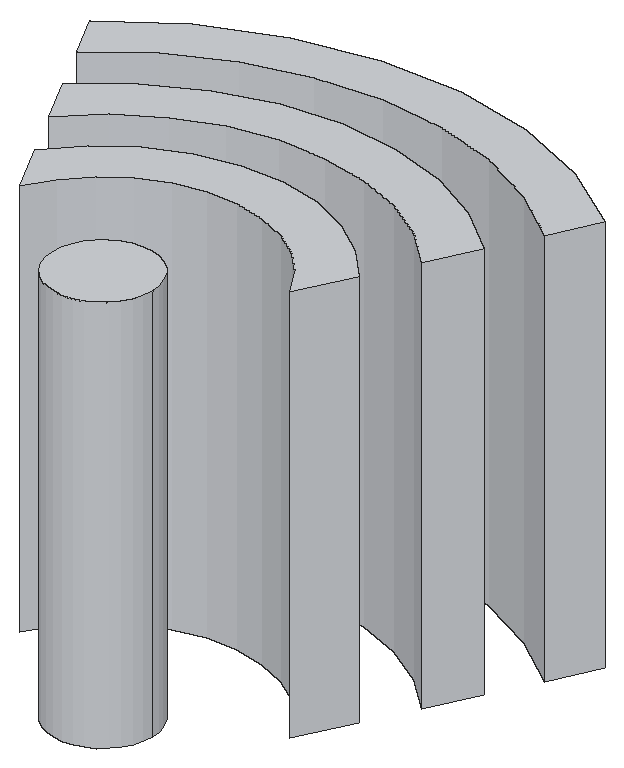
Revit family "Access_Point", category Furniture, Revit 2024
Family settings
  Work Plane-Based = No
  Enable Cutting in Views = Yes
  Always vertical = Yes
  Cut with Voids When Loaded = No
  Render Appearance Source = Family Geometry
  Shared = No
  Room Calculation Point = No
Parameters
  Material_Pared = none
  Height = 0 mm
  Default Elevation = 0 mm
Reference planes
  plane 1 "Center (Front/Back)": y = 0
  plane 2: z = 0
  plane 3 "Center (Left/Right)": x = 0
Forms (mm)
  Extrusion 1, solid, material <- "Material_Pared"
    sketch origin (0, 0, 0) x (1, 0, 0) y (0, 1, 0)
      loop
        line (-128.879, 152.939) -> (-117.179, 129.977)
        arc (-117.179, 129.977) -> (0, 175) -> (117.179, 129.977) r 175
        line (117.179, 129.977) -> (128.879, 152.939)
        arc (128.879, 152.939) -> (0, 200) -> (-128.879, 152.939) r 200
      loop
        line (-105.355, 106.772) -> (-93.325, 83.16)
        arc (-93.325, 83.16) -> (0, 125) -> (93.325, 83.16) r 125
        line (93.325, 83.16) -> (105.355, 106.772)
        arc (105.355, 106.772) -> (0, 150) -> (-105.355, 106.772) r 150
      loop
        line (-80.902, 58.779) -> (-67.553, 32.581)
        arc (-67.553, 32.581) -> (0, 75) -> (67.553, 32.581) r 75
        line (67.553, 32.581) -> (80.902, 58.779)
        arc (80.902, 58.779) -> (0, 100) -> (-80.902, 58.779) r 100
      loop
        circle (0, 0) r 25
    from 0 to 200
Dimensions and locks
  aligned and locked: level to plane 2
